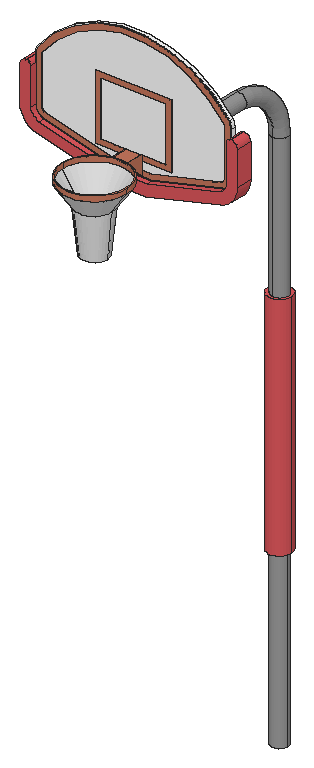
Revit family "Basketball_Backstop-Outdoor-Heavy_Duty-IPIbyBison-PR52", category Specialty Equipment, Revit 2022
Family settings
  Round Connector Dimension = Use Diameter
  Part Type = Normal
  OmniClass Number = 23.40.50.34.14
  OmniClass Title = Gymnasium Equipment
  Work Plane-Based = No
  Always vertical = Yes
  Cut with Voids When Loaded = No
  Maintain Annotation Orientation = No
  Shared = No
  Room Calculation Point = No
Parameters (values of type "Outdoor System Heavy Duty")
  padding color [instance] = Plastic - IPI by Bison - Scarlet SC
  URL = "https://ipibybison.com/"
  Specification = "https://www.arcat.com/company/ipi-by-bison-38554/spec"
  Product Page URL = "https://www.arcat.com/arcatcos/cos38/arc38554.html"
  Post Diameter = 0' - 4 1/2"
  Pole Material = Steel - Galvanized - Hot Dipped
  Padding Color [instance] = Plastic - IPI by Bison - Scarlet SC
  Padding = Plastic - IPI by Bison - Scarlet SC
  Optional Padding [instance] = yes
  Model = "PR52"
  Manufacturer = "IPI by Bison"
  Keynote = "11 66 00"
  Hoop Finish = Powder Coat - Playground Orange
  Hoop Elevation = 10' - 0"
  Embedding Depth = 4' - 0"
  Description = "Outdoor Basketball Frame and Backboard Systems"
  Default Elevation = 0' - 0"
  Copyright = "© 2023 ARCAT"  # constant formula
  Category = ""
  CAD Details = "https://www.arcat.com/company/ipi-by-bison-38554/cad"
  Basket Netting = Finish - IPI by Bison - White Netting
  Backboard Length = 4' - 6"
  Backboard Height = 2' - 11 1/2"
  Backboard Finish = Powder Coat - White
Reference planes (in)
  plane 1 "Center (Front/Back)": y = 0
  plane 2 "Bottom": z = 0
  plane 3 "Center (Left/Right)": x = 0
  plane 4: x = -2.25
  plane 5: x = 2.25
  plane 6 "Back": y = 2.25
  plane 7: y = -2.25
  plane 8: y = -50.25
  plane 9: y = -49.25
  plane 10 "Left": x = -27
  plane 11 "Right": x = 27
  plane 12: z = 114.5
  plane 13: z = 120
  plane 14 "Top": z = 150
  plane 15: y = -50.3125
  plane 16: z = 116.75
  plane 17: y = -31.25
  plane 18: y = -33.25
  plane 19: z = 142
  plane 20: z = -48
  plane 21: z = 4
  plane 22: z = 60
  plane 23 "Board Center": y = -49.75
Forms (in)
  Extrusion 1, solid, material "Powder Coat - White" <- "Backboard Finish"
    sketch origin (0, 0, 0) x (1, 0, 0) y (0, 0, 1)
      loop
        arc (-26.39715, 136.82755) -> (-26.8453, 135.97468) -> (-27, 135.02375) r 3
        line (-27, 135.02375) -> (-27, 122.34386)
        arc (-27, 122.34386) -> (-26.36403, 120.49687) -> (-24.72577, 119.43297) r 3
        line (-24.72577, 119.43297) -> (-4.9407, 114.5) -> (4.9407, 114.5) -> (24.72577, 119.43297)
        arc (24.72577, 119.43297) -> (26.36403, 120.49687) -> (27, 122.34386) r 3
        line (27, 122.34386) -> (27, 135.02375)
        arc (27, 135.02375) -> (26.8453, 135.97468) -> (26.39715, 136.82755) r 3
        arc (26.39715, 136.82755) -> (0, 150) -> (-26.39715, 136.82755) r 33.03571
    from 49.25 to 50.25
  Extrusion 2, solid, material "Powder Coat - Playground Orange" <- "Hoop Finish"
    sketch origin (0, 0, 0) x (1, 0, 0) y (0, 0, 1)
      loop
        arc (-26.14209, 136.7505) -> (-26.59396, 135.89492) -> (-26.75, 134.94) r 3
        line (-26.75, 134.94) -> (-26.75, 122.53918)
        arc (-26.75, 122.53918) -> (-26.11403, 120.69219) -> (-24.47577, 119.62829) r 3
        line (-24.47577, 119.62829) -> (-4.91001, 114.75) -> (-2.25, 114.75) -> (-2.25, 116.25) -> (-4.72583, 116.25) -> (-24.11288, 121.08373)
        arc (-24.11288, 121.08373) -> (-24.93202, 121.61569) -> (-25.25, 122.53918) r 1.5
        line (-25.25, 122.53918) -> (-25.25, 135.43679)
        arc (-25.25, 135.43679) -> (0, 148.25) -> (25.25, 135.43679) r 31.28571
        line (25.25, 135.43679) -> (25.25, 122.53918)
        arc (25.25, 122.53918) -> (24.93202, 121.61569) -> (24.11288, 121.08373) r 1.5
        line (24.11288, 121.08373) -> (4.72583, 116.25) -> (2.25, 116.25) -> (2.25, 114.75) -> (4.91001, 114.75) -> (24.47577, 119.62829)
        arc (24.47577, 119.62829) -> (26.11403, 120.69219) -> (26.75, 122.53918) r 3
        line (26.75, 122.53918) -> (26.75, 134.94)
        arc (26.75, 134.94) -> (26.59396, 135.89492) -> (26.14209, 136.7505) r 3
        arc (26.14209, 136.7505) -> (0, 149.75) -> (-26.14209, 136.7505) r 32.78571
      loop
        line (-10.5, 118.5) -> (-2.25, 118.5) -> (-2.25, 120) -> (-9, 120) -> (-9, 135) -> (9, 135) -> (9, 120) -> (2.25, 120) -> (2.25, 118.5) -> (10.5, 118.5) -> (10.5, 136.5) -> (-10.5, 136.5) -> (-10.5, 118.5)
    from 50.25 to 50.3125
  Sweep 3, solid, material "Steel - Galvanized - Hot Dipped" <- "Pole Material"
    path origin (0, 0, 0) x (0, 1, 0) y (0, 0, 1)
      loop
        line (-49.25, 114.5) -> (-14.25, 114.5)
        arc (-14.25, 114.5) -> (-5.76472, 110.98528) -> (-2.25, 102.5) r 12
        line (-2.25, 102.5) -> (-2.25, 0)
    profile origin (0, -31.75, 114.5) x (0, 0, 1) y (1, 0, 0)
      loop
        circle (2.25, 0) r 2.25
  Extrusion 4, solid, material "Steel - Galvanized - Hot Dipped" <- "Pole Material"
    sketch origin (-51.77303, 0, 11.74311) x (0, 1, 0) y (0.431442, 0, 0.902141)
      loop
        line (-31.25, 120) -> (-49.25, 142) -> (-49.25, 140.77778) -> (-32.25, 120) -> (-31.25, 120)
    from 0 to 0.95282
  Extrusion 5, solid, material "Steel - Galvanized - Hot Dipped" <- "Pole Material"
    sketch origin (51.77303, 0, 11.74311) x (0, 1, 0) y (0.431442, 0, -0.902141)
      loop
        line (-31.25, -120) -> (-32.25, -120) -> (-49.25, -140.77778) -> (-49.25, -142) -> (-31.25, -120)
    from 0 to 0.95282
  Revolve 6, solid, material "Steel - Galvanized - Hot Dipped" <- "Pole Material"
    sketch origin (0, 0, 0) x (0, 1, 0) y (0, 0, 1)
      loop
        line (-31.25, 116.75) -> (-31.25, 119.25) -> (-33.25, 119.25) -> (-33.25, 116.75) -> (-31.25, 116.75)
      axis (-31.25, 116.75) -> (-33.25, 116.75)
    angle from 0 to 360
  Extrusion 7, solid, material "Steel - Galvanized - Hot Dipped" <- "Pole Material"
    sketch origin (0, 0, 0) x (0, 1, 0) y (0, 0, 1)
      loop
        line (-31.25, 120) -> (-33.25, 120) -> (-33.25, 119) -> (-31.25, 119) -> (-31.25, 120)
    from -0.91219 to 0.91219
  Extrusion 8, solid, material "Steel - Galvanized - Hot Dipped" <- "Pole Material"
    sketch origin (0, 0, 0) x (0, 1, 0) y (0, 0, 1)
      loop
        line (-49.25, 114.5) -> (-44.75, 114.5) -> (-44.75, 120) -> (-49.25, 120) -> (-49.25, 114.5)
    from -2.25 to 2.25
  Extrusion 9, solid, material "Steel - Galvanized - Hot Dipped" <- "Pole Material"
    sketch origin (0, 0, 0) x (1, 0, 0) y (0, 1, 0)
      loop
        circle (0, 0) r 2.25
    from -48 to 0
  Extrusion 10, solid, material "Plastic - IPI by Bison - Scarlet SC" <- "Padding Color"
    sketch origin (32.27964, -18.53913, 0) x (1, 0, 0) y (0, 1, 0)
      loop
        circle (-32.27964, 18.53913) r 2.25
      loop
        circle (-32.27964, 18.53913) r 3.25
    from 0 to 63.25
  Extrusion 11, solid, material "Plastic - IPI by Bison - Scarlet SC" <- "padding color"
    sketch origin (0, -49.75, 0) x (1, 0, 0) y (0, 0, 1)
      loop
        line (-28, 133.52297) -> (-28.25, 133.52297)
        arc (-28.25, 133.52297) -> (-29.48744, 133.01041) -> (-30, 131.77297) r 1.75
        line (-30, 131.77297) -> (-30, 122.34386)
        arc (-30, 122.34386) -> (-28.72806, 118.64989) -> (-25.45153, 116.52208) r 6
        line (-25.45153, 116.52208) -> (-4.74103, 111.35837) -> (4.74103, 111.35837) -> (25.45153, 116.52208)
        arc (25.45153, 116.52208) -> (28.72806, 118.64989) -> (30, 122.34386) r 6
        line (30, 122.34386) -> (30, 131.77297)
        arc (30, 131.77297) -> (29.48744, 133.01041) -> (28.25, 133.52297) r 1.75
        line (28.25, 133.52297) -> (28, 133.52297)
        arc (28, 133.52297) -> (27.29289, 133.23008) -> (27, 132.52297) r 1
        line (27, 132.52297) -> (27, 122.34386)
        arc (27, 122.34386) -> (26.36403, 120.49687) -> (24.72577, 119.43297) r 3
        line (24.72577, 119.43297) -> (4.9396, 114.49973) -> (-4.9396, 114.49973) -> (-24.72577, 119.43297)
        arc (-24.72577, 119.43297) -> (-26.36403, 120.49687) -> (-27, 122.34386) r 3
        line (-27, 122.34386) -> (-27, 132.52297)
        arc (-27, 132.52297) -> (-27.29289, 133.23008) -> (-28, 133.52297) r 1
    from -2.18697 to 2.14819
Cuts and joins
  joined: Extrusion 4, Extrusion 5, Revolve 6, Extrusion 7
Dimensions and locks (in)
  equal spacing: plane 4, plane 3 "Center (Left/Right)", plane 5
  "Post Diameter": plane 4 to plane 5
  equal spacing: plane 6 "Back", plane 1 "Center (Front/Back)", plane 7
  "Post Diameter": plane 6 "Back" to plane 7
  locked: plane 8 to plane 7 at 48
  locked: plane 9 to plane 8 at 1
  equal spacing: plane 10 "Left", plane 3 "Center (Left/Right)", plane 11 "Right"
  "Backboard Length": plane 10 "Left" to plane 11 "Right"
  "Hoop Elevation": plane 13 to level
  locked: plane 13 to plane 12 at 5.5
  "Backboard Height": plane 14 "Top" to plane 12
  locked: plane 8 to plane 15 at 0.0625
  locked: plane 16 to plane 12 at 2.25
  locked: plane 17 to plane 18 at 2
  locked: plane 14 "Top" to plane 19 at 8
  equal spacing: Extrusion 7, plane 3 "Center (Left/Right)", Extrusion 7
  locked: Extrusion 7 to Extrusion 7 at 1.82437
  locked: Extrusion 8 to plane 9 at 4.5
  "Embedding Depth": level to plane 20
  locked: plane 21 to level at 4
  locked: plane 22 to level at 60
  aligned and locked: plane 2 "Bottom" to level
  aligned and locked: Extrusion 1 to plane 8
  aligned and locked: plane 9 to Extrusion 1
  aligned and locked: plane 8 to Extrusion 2
  aligned and locked: Extrusion 2 to plane 15
  aligned and locked: level to Sweep 3 sketch curve
  aligned and locked: Sweep 3 sketch curve to plane 7
  aligned and locked: plane 12 to Sweep 3 sketch curve
  aligned and locked: plane 9 to Sweep 3 sketch curve
  aligned and locked: plane 3 "Center (Left/Right)" to Sweep 3 sketch curve
  aligned and locked: plane 16 to Sweep 3 sketch curve
  aligned and locked: Extrusion 4 sketch curve to plane 9
  aligned and locked: plane 16 to Revolve 6 sketch curve
  aligned and locked: plane 18 to Revolve 6 sketch curve  (x2)
  aligned and locked: Revolve 6 sketch curve to plane 17
  aligned and locked: plane 17 to Revolve 6 sketch curve
  aligned and locked: Revolve 6 sketch curve to plane 16
  aligned and locked: Extrusion 7 sketch curve to plane 17
  aligned and locked: plane 18 to Extrusion 7 sketch curve
  aligned and locked: Extrusion 7 sketch curve to plane 13
  aligned and locked: plane 3 "Center (Left/Right)" to nested 1
  aligned and locked: plane 13 to nested 1
  aligned and locked: nested 1 to plane 8
  aligned and locked: Extrusion 8 to plane 4
  aligned and locked: Extrusion 8 to plane 5
  aligned and locked: plane 3 "Center (Left/Right)" to Extrusion 9 sketch curve
  aligned and locked: plane 1 "Center (Front/Back)" to Extrusion 9 sketch curve
  aligned and locked: Extrusion 9 to plane 20
  aligned and locked: level to Extrusion 9
  aligned and locked: Extrusion 10 sketch curve to Extrusion 9  (x2)
Automatic sketch dimensions
  Sweep 3 sketch curve to Sweep 3 sketch curve = 1' - 0"
  plane 17 to Extrusion 4 sketch curve = 0' - 0"
  Extrusion 4 sketch curve to Extrusion 4 sketch curve = 0' - 1"
  Extrusion 4 sketch curve to Extrusion 4 sketch curve = 1' - 8.77778"
  Extrusion 4 sketch curve to Extrusion 4 sketch curve = 0' - 1.22222"
  Revolve 6 sketch curve to plane 13 = 0' - 0 3/4"
  Extrusion 7 sketch curve to plane 13 = 0' - 1"
  Extrusion 1 sketch curve to plane 10 "Left" = 0' - 0"
  Extrusion 1 sketch curve to plane 12 = 0' - 0"
  Extrusion 1 sketch curve to plane 3 "Center (Left/Right)" = 0' - 0"
  plane 11 "Right" to Extrusion 1 sketch curve = 0' - 0"
  Extrusion 1 sketch curve to plane 13 = 0' - 0.56703"  (x2)
  plane 10 "Left" to Extrusion 1 sketch curve = 0' - 2.27423"
  plane 13 to Extrusion 1 sketch curve = 0' - 2.34386"
  Extrusion 1 sketch curve to Extrusion 1 sketch curve = 0' - 3"  (x3)
  Extrusion 1 sketch curve to plane 4 = 0' - 2.6907"
  Extrusion 1 sketch curve to plane 5 = 0' - 2.6907"
  plane 11 "Right" to Extrusion 1 sketch curve = 0' - 2.27423"
  plane 16 to Extrusion 1 sketch curve = 0' - 0.21429"
  Extrusion 1 sketch curve to plane 19 = 0' - 6.97625"  (x2)
  Extrusion 1 sketch curve to Extrusion 1 sketch curve = 0' - 0"
  Extrusion 2 sketch curve to Extrusion 2 sketch curve = 0' - 0"  (x7)
  Extrusion 2 sketch curve to plane 13 = 0' - 0"  (x2)
  Extrusion 2 sketch curve to plane 4 = 0' - 0"  (x2)
  Extrusion 2 sketch curve to plane 3 "Center (Left/Right)" = 0' - 0"
  plane 5 to Extrusion 2 sketch curve = 0' - 0"  (x2)
  Extrusion 2 sketch curve to plane 16 = 0' - 0 1/2"  (x2)
  Extrusion 2 sketch curve to Extrusion 2 sketch curve = 0' - 2.47583"  (x2)
  plane 12 to Extrusion 2 sketch curve = 0' - 0 1/4"  (x2)
  Extrusion 2 sketch curve to Extrusion 2 sketch curve = 0' - 0.18418"  (x2)
  Extrusion 2 sketch curve to Extrusion 2 sketch curve = 0' - 4.27417"
  Extrusion 2 sketch curve to Extrusion 2 sketch curve = 0' - 1 1/2"  (x5)
  plane 10 "Left" to Extrusion 2 sketch curve = 0' - 3 1/4"  (x2)
  plane 13 to Extrusion 2 sketch curve = 0' - 1.08373"  (x2)
  Extrusion 2 sketch curve to Extrusion 2 sketch curve = 0' - 0.36288"  (x4)
  Extrusion 2 sketch curve to plane 13 = 0' - 0.37171"  (x2)
  Extrusion 2 sketch curve to plane 5 = 0' - 6 3/4"
  plane 11 "Right" to Extrusion 2 sketch curve = 0' - 3 1/4"  (x2)
  plane 16 to Extrusion 2 sketch curve = 0' - 0.21429"
  Extrusion 2 sketch curve to plane 13 = 0' - 1 1/2"  (x2)
  Extrusion 2 sketch curve to plane 19 = 0' - 7.06"  (x2)
  Extrusion 2 sketch curve to plane 19 = 0' - 7"
  Extrusion 2 sketch curve to Extrusion 2 sketch curve = 0' - 0.49679"
  plane 9 to Extrusion 5 sketch curve = 0' - 0"
  plane 17 to Extrusion 5 sketch curve = 0' - 0"
  Extrusion 5 sketch curve to plane 17 = 0' - 1"
  Extrusion 5 sketch curve to Extrusion 5 sketch curve = 0' - 1.22222"
  Extrusion 5 sketch curve to Extrusion 5 sketch curve = 1' - 8.77778"
  Extrusion 8 sketch curve to plane 9 = 0' - 0"
  Extrusion 8 sketch curve to plane 13 = 0' - 0"
  Extrusion 8 sketch curve to plane 12 = 0' - 0"
  Extrusion 8 sketch curve to Extrusion 8 sketch curve = 0' - 4 1/2"
  Extrusion 10 sketch curve to Extrusion 10 sketch curve = 0' - 0"  (x2)
  Extrusion 10 sketch curve to Extrusion 10 sketch curve = 0' - 1"
  plane 1 "Center (Front/Back)" to Extrusion 10 sketch curve = 0' - 0"  (x2)
  Extrusion 11 sketch curve to Extrusion 11 sketch curve = 0' - 0"  (x4)
  Extrusion 11 sketch curve to plane 10 "Left" = 0' - 0"
  plane 11 "Right" to Extrusion 11 sketch curve = 0' - 0"
  Extrusion 11 sketch curve to plane 10 "Left" = 0' - 1"
  Extrusion 11 sketch curve to Extrusion 11 sketch curve = 0' - 0 1/4"  (x2)
  Extrusion 11 sketch curve to plane 16 = 0' - 0.22792"  (x2)
  plane 10 "Left" to Extrusion 11 sketch curve = 0' - 1.54847"
  Extrusion 11 sketch curve to plane 13 = 0' - 0.56703"  (x2)
  plane 13 to Extrusion 11 sketch curve = 0' - 2.34386"
  Extrusion 11 sketch curve to plane 12 = 0' - 0.00027"
  Extrusion 11 sketch curve to plane 4 = 0' - 2.6896"
  Extrusion 11 sketch curve to plane 5 = 0' - 2.6896"
  Extrusion 11 sketch curve to Extrusion 11 sketch curve = 0' - 3"  (x2)
  Extrusion 11 sketch curve to plane 11 "Right" = 0' - 1"
  Extrusion 11 sketch curve to Extrusion 11 sketch curve = 0' - 9.42912"  (x2)
  Extrusion 11 sketch curve to Extrusion 11 sketch curve = 0' - 0.19858"  (x2)
  plane 11 "Right" to Extrusion 11 sketch curve = 0' - 1.54847"
  plane 11 "Right" to Extrusion 11 sketch curve = 0' - 2.27423"
  Extrusion 11 sketch curve to plane 12 = 0' - 3.14163"
  radius of Sweep 3 sketch curve = 0' - 2 1/4"
  radius of Extrusion 9 sketch curve = 0' - 2 1/4"
Nested families (in)
  nested 1: "Playground-System_Heavy-Duty-4_1-2in_PR52_Basket" at (0, -50.25, 120), Frame <- "Hoop Finish", Netting <- "Basket Netting", type "Playground-System_Heavy-Duty-4_1-2in_PR52_Basket"
    with Netting Finish - IPI by Bison - White Netting, Frame Powder Coat - Playground Orange
Definition of nested family "Playground-System_Heavy-Duty-4_1-2in_PR52_Basket"
  Parameters (values of type "Playground-System_Heavy-Duty-4_1-2in_PR52_Basket")
    Netting [instance] = none
    Frame [instance] = none
    Default Elevation = 0' - 0"
  Reference planes (in)
    plane 1 "Center (Front/Back)": y = 0
    plane 2: z = 0
    plane 3 "Center (Left/Right)": x = 0
    plane 4 "Net": y = -13.5
    plane 5: x = -2.25
    plane 6: x = 2.25
  Forms (in)
    Extrusion 1, solid, material <- "Frame"
      sketch origin (0, 0, 0) x (1, 0, 0) y (0, 1, 0)
        loop
          circle (0, -13.5) r 9
        loop
          circle (0, -13.5) r 8.75
      from -1.38229 to 0
    Extrusion 2, solid, material <- "Frame"
      sketch origin (0, 0, 0) x (0, 1, 0) y (0, 0, 1)
        loop
          line (0, 0) -> (-4.75, 0) -> (-4.75, -1.1813) -> (0, -5.25) -> (0, 0)
      from -2.25 to -2.06458
    Extrusion 3, solid, material <- "Frame"
      sketch origin (0, 0, 0) x (0, 1, 0) y (0, 0, -1)
        loop
          line (0, 0) -> (0, 5.25) -> (-4.75, 1.1813) -> (-4.75, 0) -> (0, 0)
      from -2.25 to -2.06458
    Extrusion 4, solid, material <- "Frame"
      sketch origin (0, 0, 0) x (0, 1, 0) y (0, 0, 1)
        loop
          line (-4.75, 0) -> (-4.75, -0.25) -> (-0.25, -0.25) -> (-0.25, -5.03586) -> (0, -5.25) -> (0, 0) -> (-4.75, 0)
      from -2.06458 to 2.06458
    Revolve 5, solid, material <- "Netting"
      sketch origin (0, -13.5, 0) x (-1, 0, 0) y (0, 0, 1)
        loop
          line (9, -1.38229) -> (8.8474, -1.38229) -> (4.72063, -7.27592) -> (3.4482, -19.38229) -> (3.57389, -19.38229) -> (4.84157, -7.32114) -> (9, -1.38229)
        axis (0, -1.38229) -> (0, -19.38229)
      angle from 0 to 360
  Dimensions and locks (in)
    locked: level to Extrusion 1 at 1.38229
    locked: plane 4 "Net" to plane 1 "Center (Front/Back)" at 13.5
    equal spacing: plane 6, plane 3 "Center (Left/Right)", plane 5
    locked: plane 6 to plane 5 at 4.5
    aligned and locked: plane 2 to level
    aligned and locked: level to Extrusion 1
  Automatic sketch dimensions
    Extrusion 1 sketch curve to Extrusion 1 sketch curve = 0' - 0"  (x2)
    Extrusion 1 sketch curve to plane 3 "Center (Left/Right)" = 0' - 0"
    Extrusion 1 sketch curve to plane 4 "Net" = 0' - 0"
    Revolve 5 sketch curve to plane 3 "Center (Left/Right)" = 0' - 0"
    Revolve 5 sketch curve to plane 5 = 0' - 1.1982"
    Revolve 5 sketch curve to Revolve 5 sketch curve = 0' - 0.12569"
    Revolve 5 sketch curve to plane 5 = 0' - 2.47063"
    Revolve 5 sketch curve to Revolve 5 sketch curve = 0' - 0.12094"
    Revolve 5 sketch curve to level = 0' - 1.38229"  (x2)
    Revolve 5 sketch curve to plane 5 = 0' - 6.5974"
    Revolve 5 sketch curve to Revolve 5 sketch curve = 0' - 0.1526"
    Revolve 5 sketch curve to Revolve 5 sketch curve = 0' - 0.04522"
    Revolve 5 sketch curve to Revolve 5 sketch curve = 1' - 0.06115"
    Revolve 5 sketch curve to Revolve 5 sketch curve = 0' - 1"
    Revolve 5 sketch curve to Revolve 5 sketch curve = 0' - 5.89364"
    Extrusion 2 sketch curve to level = 0' - 0"
    Extrusion 2 sketch curve to plane 1 "Center (Front/Back)" = 0' - 0"
    Extrusion 2 sketch curve to level = 0' - 1.1813"
    plane 1 "Center (Front/Back)" to Extrusion 2 sketch curve = 0' - 4 3/4"
    Extrusion 2 sketch curve to level = 0' - 5 1/4"
    Extrusion 3 sketch curve to level = 0' - 0"
    Extrusion 3 sketch curve to plane 1 "Center (Front/Back)" = 0' - 0"
    Extrusion 3 sketch curve to level = 0' - 1.1813"
    plane 1 "Center (Front/Back)" to Extrusion 3 sketch curve = 0' - 4 3/4"
    Extrusion 3 sketch curve to level = 0' - 5 1/4"
    Extrusion 4 sketch curve to level = 0' - 0"
    Extrusion 4 sketch curve to plane 1 "Center (Front/Back)" = 0' - 0"
    plane 1 "Center (Front/Back)" to Extrusion 4 sketch curve = 0' - 0 1/4"
    Extrusion 4 sketch curve to level = 0' - 0 1/4"
    Extrusion 4 sketch curve to Extrusion 4 sketch curve = 0' - 4 1/2"
    Extrusion 4 sketch curve to Extrusion 4 sketch curve = 0' - 4.78586"
    Extrusion 4 sketch curve to Extrusion 4 sketch curve = 0' - 0.21414"
    radius of Extrusion 1 sketch curve = 0' - 9"
    radius of Extrusion 1 sketch curve = 0' - 8 3/4"
